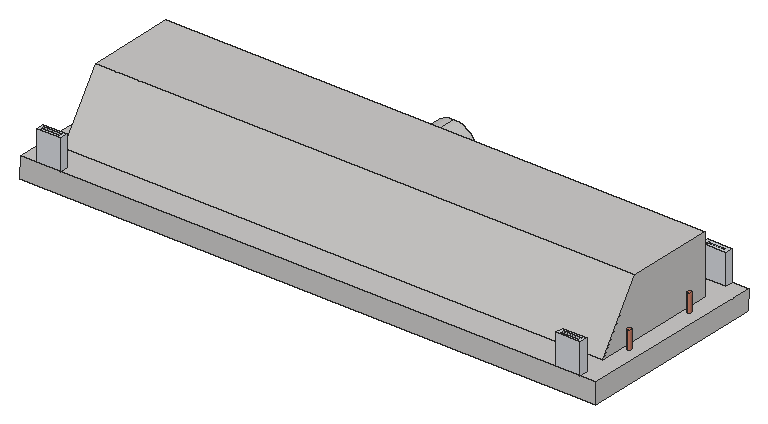
Revit family "HVAC-Chilled_Beam-Dadanco-ACB40", category Mechanical Equipment, Revit 2018
Family settings
  Round Connector Dimension = Use Diameter
  Part Type = Normal
  OmniClass Number = 23.75.70.17.31
  OmniClass Title = Induction Units
  Work Plane-Based = No
  Always vertical = Yes
  Cut with Voids When Loaded = No
  Shared = No
  Room Calculation Point = No
Parameters (values of type "6' Nominal Length")
  Zone Name [instance] = ""
  Zone ID [instance] = ""
  Unit Width = 1' - 11 3/4"  # constant formula
  Unit Weight = if(Nominal Unit Length = 2' 0", "41 lb", if(Nominal Unit Length = 4' 0", "82 lb", if(Nominal Unit Length = 6' 0", "115 lb", if(Nominal Unit Length = 8' 0", "146 lb", if(Nominal Unit Length = 10' 0", "183 lb", "0 lb")))))  # "115 lb"
  Unit Tag [instance] = ""
  Unit Height = 0' - 9 3/4"  # constant formula
  Total Cooling Capacity = 0.0 Btu/h
  Supply Air = 0 CFM
  Sound Level dBA = ""
  Sound Level NC = ""
  Secondary Air Sensible Heating = 0.0 Btu/h
  Secondary Air Sensible Cooling = 0.0 Btu/h
  SHHW Temperature = 0 °F
  SHHW Pressure Drop [instance] = HWPD  # 0 Pa
  SHHW Flow [instance] = HWF  # 0 GPM
  SCHW Temperature = 0 °F
  SCHW Pressure Drop [instance] = CWPD  # 0 Pa
  SCHW Flow [instance] = CWF  # 0 GPM
  Primary Air Static Pressure [instance] = PASP  # 0.00 in-wg
  Primary Air Inlet Top [instance] = not(Primary Air Inlet Back)  # no
  Primary Air Inlet Size = 0' - 6"
  Primary Air Inlet Back [instance] = yes
  Primary Air Flow Rate [instance] = PA  # 0 CFM
  PASP = 0.00 in-wg
  PA = 0 CFM
  Origin1 = Nominal Unit Length / 2  # 3' - 0"
  Nozzle Configuration = ""
  Nominal Unit Length = 6' - 0"
  Net Unit Heating Sensible = 0.0 Btu/h
  Net Unit Cooling Sensible = 0.0 Btu/h
  Unit Length = Nominal Unit Length - 0' 0 1/4"  # 5' - 11 3/4"
  URL = "http://www.dadanco.com/"
  Type Comments = "2-way Discharge Horizontal Coil"
  SHHW Temp Out = 0 °F
  SCHW Temp Out = 0 °F
  Product Page URL = ""
  Latent Cooling = 0.0 Btu/h
  Keynote = "23 37 00.A1"
  Heating Supply Air Temperature = 0 °F
  Heating Room Dry Bulb = 0 °F
  Heating Primary Air Dry Bulb = 0 °F
  HWPD = 0 Pa
  HWF = 0 GPM
  Front Back Air Inlet [instance] = or(Primary Air Inlet Top, Primary Air Inlet Back)  # yes
  Pipe Material = Metal-Dadanco-Copper-Satin
  Pipe Coil Outlet = "2 Pipe Coi, 0.5 inch SWT Stub Coil Connection"
  Pipe Coil Inlet = "2 Pipe Coi, 0.5 inch SWT Stub Coil Connection"
  Documentation Link = ""
  Cooling Supply Air Temperature = 0 °F
  Cooling Room Relative Humidity = 0
  Cooling Room Dry Bulb = 0 °F
  Cooling Primary Air Wet Bulb = 0 °F
  Cooling Primary Air Dry Bulb = 0 °F
  Coil Connection Right [instance] = yes
  Coil Connection Left [instance] = not(Coil Connection Right)  # no
  Revision Date = "06/24/2020"  # constant formula
  Coil Length = if(Nominal Unit Length = 2' 0", 2' 0", if(Nominal Unit Length = 4' 0", 3' 4", if(Nominal Unit Length = 6' 0", 5' 4", 0' 0")))  # 5' - 4"
  Model = "ACB40"  # constant formula
  Manufacturer = "Dadanco"  # constant formula
  Housing Material = Metal-Dadanco-Steel-Galvanized
  Description = "Active Chilled Beam"  # constant formula
  CWPD = 0 Pa
  CWF = 0 GPM
  4 Pipe Coil Configuration Right [instance] = and([4 Pipe Coil Configuration], Coil Connection Right)  # no
  4 Pipe Coil Configuration Left [instance] = and([4 Pipe Coil Configuration], Coil Connection Left)  # no
  4 Pipe Coil Configuration = if([2 or 4 pipe] = 4, 1 = 1, 1 = 0)  # no
  2 or 4 pipe = 2
  2 Pipe Coil Configuration = if([2 or 4 pipe] = 2, 1 = 1, 1 = 0)  # yes
  Assembly Code = "D3040100"
Types (6): name | Unit Weight | Primary Air Inlet Top | Primary Air Inlet Back | Origin1 | Nominal Unit Length | Unit Length | Product Page URL | Documentation Link | Coil Length
  (no name) | "115 lb" | no | yes | 3' - 0" | 6' - 0" | 5' - 11 3/4" | "" | "" | 5' - 4"
  4' Nominal Length | "82 lb" | yes | no | 2' - 0" | 4' - 0" | 3' - 11 3/4" | "http://www.activechilledbeam.com/efficient_air_conditioning.asp" | "http://www.dadanco.com/ACB/air_conditioning_literature.asp?productLineID=30" | 3' - 4"
  2' Nominal Length | "41 lb" | yes | no | 1' - 0" | 2' - 0" | 1' - 11 3/4" | "http://www.activechilledbeam.com/efficient_air_conditioning.asp" | "http://www.dadanco.com/ACB/air_conditioning_literature.asp?productLineID=30" | 2' - 0"
  6' Nominal Length | "115 lb" | no | yes | 3' - 0" | 6' - 0" | 5' - 11 3/4" | "" | "" | 5' - 4"
  8' Nominal Length | "146 lb" | no | yes | 4' - 0" | 8' - 0" | 7' - 11 3/4" | "http://www.activechilledbeam.com/efficient_air_conditioning.asp" | "http://www.dadanco.com/ACB/air_conditioning_literature.asp?productLineID=30" | 0' - 0"
  10' Nominal Length | "183 lb" | no | yes | 5' - 0" | 10' - 0" | 9' - 11 3/4" | "http://www.activechilledbeam.com/efficient_air_conditioning.asp" | "http://www.dadanco.com/ACB/air_conditioning_literature.asp?productLineID=30" | 0' - 0"
Reference planes (in)
  plane 1 "Center (Front/Back)": y = 0.77127
  plane 2 "Top Face of Plenum": z = 9.75
  plane 3 "Center (Left/Right)": x = 0.55581
  plane 4 "Right End": x = 36.43081
  plane 5 "Bottom Face": z = 0
  plane 6 "Left End": x = -35.31919
  plane 7: y = -11.10373
  plane 8: z = 6.111
  plane 9: x = -33.35519
  plane 10: x = 34.46681
  plane 11: y = 5.45827
  plane 12: y = 2.64627
  plane 13: y = -1.10373
  plane 14: y = -3.91573
  plane 15: z = 5.047
Forms (in)
  Extrusion 1, solid, material "Metal-Dadanco-Steel-Galvanized" <- "Housing Material"
    sketch origin (0.55581, 0, 0) x (0, 1, 0) y (0, 0, 1)
      loop
        line (12.64627, 0) -> (12.89587, 0) -> (12.89587, 2.511) -> (9.02127, 2.511) -> (9.02127, 9.761) -> (-1.97873, 9.761) -> (-6.97873, 2.511) -> (-10.85373, 2.511) -> (-10.85373, 0) -> (12.64627, 0)
    from -35.875 to 35.875
  Extrusion 2, solid, material "Metal-Dadanco-Steel-Galvanized", visible <- "Primary Air Inlet Back"
    sketch origin (0.55581, 9.02127, 2.511) x (0, 0, 1) y (1, 0, 0)
      loop
        circle (3.719, 0) r 3
    from 0 to 2.83
  Extrusion 3, void
    sketch origin (36.43081, 0, 0) x (0, -1, 0) y (0, 0, 1)
      loop
        line (6.97873, 9.761) -> (-9.02127, 9.761) -> (-9.02127, 2.511) -> (6.97873, 2.511) -> (6.97873, 9.761)
    from 0 to 2.27344
  Extrusion 4, void
    sketch origin (-35.31919, 0, 0) x (0, 1, 0) y (0, 0, 1)
      loop
        line (9.02127, 9.761) -> (-7.02389, 9.761) -> (-7.02389, 2.511) -> (9.02127, 2.511) -> (9.02127, 9.761)
    from 0 to 2.27344
  Extrusion 5, solid, material "Metal-Dadanco-Copper-Satin" <- "Pipe Material", visible <- "Coil Connection Left", detail levels medium+fine
    sketch origin (0.20581, 13.56502, 2.511) x (0, -1, 0) y (1, 0, 0)
      loop
        circle (7.841, -33.911) r 0.25
    from 0 to 2.14844
  Extrusion 6, solid, material "Metal-Dadanco-Copper-Satin" <- "Pipe Material", visible <- "4 Pipe Coil Configuration Left", detail levels medium+fine
    sketch origin (0.20581, 13.25627, 2.511) x (0, -1, 0) y (1, 0, 0)
      loop
        circle (10.653, -33.911) r 0.25
    from 0 to 2.14844
  Extrusion 7, solid, material "Metal-Dadanco-Copper-Satin" <- "Pipe Material", visible <- "4 Pipe Coil Configuration Left", detail levels medium+fine
    sketch origin (0.20581, 13.24627, 2.511) x (0, -1, 0) y (1, 0, 0)
      loop
        circle (14.403, -33.911) r 0.25
    from 0 to 2.14844
  Extrusion 8, solid, material "Metal-Dadanco-Copper-Satin" <- "Pipe Material", visible <- "Coil Connection Left", detail levels medium+fine
    sketch origin (0.20581, 13.54627, 2.511) x (0, -1, 0) y (1, 0, 0)
      loop
        circle (17.215, -33.911) r 0.25
    from 0 to 2.14844
  Extrusion 9, solid, material "Metal-Dadanco-Copper-Satin" <- "Pipe Material", visible <- "Coil Connection Right", detail levels medium+fine
    sketch origin (0.93081, 13.47127, 2.511) x (0, -1, 0) y (1, 0, 0)
      loop
        circle (7.74827, 33.88652) r 0.25
    from 0 to 2.14844
  Extrusion 10, solid, material "Metal-Dadanco-Copper-Satin" <- "Pipe Material", visible <- "4 Pipe Coil Configuration Right", detail levels medium+fine
    sketch origin (0.90581, 13.24002, 2.511) x (0, -1, 0) y (1, 0, 0)
      loop
        circle (10.653, 33.911) r 0.25
    from 0 to 2.14844
  Extrusion 11, solid, material "Metal-Dadanco-Copper-Satin" <- "Pipe Material", visible <- "4 Pipe Coil Configuration Right", detail levels medium+fine
    sketch origin (0.90581, 13.22127, 2.511) x (0, -1, 0) y (1, 0, 0)
      loop
        circle (14.403, 33.911) r 0.25
    from 0 to 2.14844
  Extrusion 12, solid, material "Metal-Dadanco-Copper-Satin" <- "Pipe Material", visible <- "Coil Connection Right", detail levels medium+fine
    sketch origin (0.90581, 13.55127, 2.511) x (0, -1, 0) y (1, 0, 0)
      loop
        circle (17.215, 33.911) r 0.25
    from 0 to 2.14844
  Extrusion 13, solid, material "Metal-Dadanco-Steel-Galvanized", visible <- "Primary Air Inlet Top"
    sketch origin (0.55581, 11.77377, 9.761) x (0, -1, 0) y (1, 0, 0)
      loop
        circle (8.25, 0) r 3
    from 0 to 3.30078
  Extrusion 14, solid, detail levels fine
    sketch origin (34.15737, 0, 0) x (0, 1, 0) y (0, 0, 1)
      loop
        circle (0.74868, 1.39387) r 0.125
    from 0 to 2
  Extrusion 15, solid
    sketch origin (0.55581, -17.19873, 2.511) x (0, 1, 0) y (-1, 0, 0)
      loop
        line (6.375, 33.875) -> (6.375, 30.875) -> (7.375, 30.875) -> (7.375, 33.875) -> (6.375, 33.875)
    from 0 to 3.76953
  Extrusion 16, void
    sketch origin (0.63529, -17.20453, 6.28053) x (-1, 0, 0) y (0, 1, 0)
      loop
        line (33.57948, 7.1008) -> (31.32948, 7.1008) -> (31.32948, 6.6608) -> (33.57948, 6.6608) -> (33.57948, 7.1008)
    from 0 to 3.76953
  Extrusion 17, solid
    sketch origin (113.55581, 5.48215, 2.511) x (0, 1, 0) y (-1, 0, 0)
      loop
        line (6.375, 82.125) -> (6.375, 79.125) -> (7.375, 79.125) -> (7.375, 82.125) -> (6.375, 82.125)
    from 0 to 3.76953
  Extrusion 18, void
    sketch origin (113.63529, 5.47636, 6.28053) x (-1, 0, 0) y (0, 1, 0)
      loop
        line (81.82948, 7.1008) -> (79.57948, 7.1008) -> (79.57948, 6.6608) -> (81.82948, 6.6608) -> (81.82948, 7.1008)
    from 0 to 3.76953
  Extrusion 19, solid
    sketch origin (113.55581, -17.19873, 2.511) x (0, 1, 0) y (-1, 0, 0)
      loop
        line (6.375, 82.125) -> (6.375, 79.125) -> (7.375, 79.125) -> (7.375, 82.125) -> (6.375, 82.125)
    from 0 to 3.76953
  Extrusion 20, void
    sketch origin (113.63529, -17.20453, 6.28053) x (-1, 0, 0) y (0, 1, 0)
      loop
        line (81.82948, 7.1008) -> (79.57948, 7.1008) -> (79.57948, 6.6608) -> (81.82948, 6.6608) -> (81.82948, 7.1008)
    from 0 to 3.76953
  Extrusion 21, solid
    sketch origin (0.55581, 5.49087, 2.511) x (0, 1, 0) y (-1, 0, 0)
      loop
        line (6.375, 33.875) -> (6.375, 30.875) -> (7.375, 30.875) -> (7.375, 33.875) -> (6.375, 33.875)
    from 0 to 3.76953
  Extrusion 22, void
    sketch origin (0.63529, 5.48507, 6.28053) x (-1, 0, 0) y (0, 1, 0)
      loop
        line (33.57948, 7.1008) -> (31.32948, 7.1008) -> (31.32948, 6.6608) -> (33.57948, 6.6608) -> (33.57948, 7.1008)
    from 0 to 3.76953
Cuts and joins
  Extrusion 3, Extrusion 4, Extrusion 18, Extrusion 20, Extrusion 22 cuts Extrusion 1
  Extrusion 16, Extrusion 20, Extrusion 22 cuts Extrusion 15
  Extrusion 18 cuts Extrusion 17
  Extrusion 20 cuts Extrusion 19
  Extrusion 22 cuts Extrusion 21
Lines and regions (in)
  symbolic lines, detail levels medium+fine
    curve 1: line (-35.31919, 10.49127, 4.95212) -> (36.43081, 10.49127, 4.95212)
    curve 2: line (-35.31919, -8.82373, 4.95212) -> (36.43081, -8.82373, 4.95212)
  model lines, detail levels medium+fine
    curve 3: line (-35.31919, -5.35623, 0) -> (36.43081, -5.35623, 0)
    curve 4: line (-35.31919, 7.02377, 0) -> (36.43081, 7.02377, 0)
  symbolic lines, not visible, detail levels medium+fine
    curve 5: arc (0.43081, -5.48123, 7.73) -> (0.55581, -5.48123, 7.855) -> (0.68081, -5.48123, 7.73) r 0.125
    curve 6: arc (0.68081, -5.48123, 7.73) -> (0.55581, -5.48123, 7.605) -> (0.43081, -5.48123, 7.73) r 0.125
  symbolic lines, detail levels fine
    curve 7: line (-35.31919, 7.95719, 4.13) -> (36.43081, 7.95719, 4.13)
    curve 8: line (-35.31919, -6.28965, 4.13) -> (36.43081, -6.28965, 4.13)
Dimensions and locks (in)
  equal spacing: plane 6 "Left End", plane 3 "Center (Left/Right)", plane 4 "Right End"
  "Unit Length": plane 6 "Left End" to plane 4 "Right End"
  "Unit Height": plane 2 "Top Face of Plenum" to plane 5 "Bottom Face"
  Extrusion 2 to Extrusion 2 = 0' - 2.83"
  plane 7 to plane 1 "Center (Front/Back)" = 0' - 11 7/8"
  plane 5 "Bottom Face" to plane 8 = 0' - 6.111"
  locked: plane 3 "Center (Left/Right)" to Extrusion 2 sketch curve at 0
  locked: plane 1 "Center (Front/Back)" to plane 11 at 4.687
  locked: plane 1 "Center (Front/Back)" to plane 12 at 1.875
  locked: plane 13 to plane 1 "Center (Front/Back)" at 1.875
  locked: plane 14 to plane 1 "Center (Front/Back)" at 4.687
  locked: plane 6 "Left End" to plane 9 at 1.964
  locked: plane 10 to plane 4 "Right End" at 1.964
  plane 1 "Center (Front/Back)" to Extrusion 13 sketch curve = 0' - 2.7525"
  locked: Extrusion 13 sketch curve to plane 3 "Center (Left/Right)" at 0
  aligned and locked: plane 5 "Bottom Face" to level
  aligned and locked: Extrusion 1 to plane 6 "Left End"
  aligned and locked: Extrusion 1 to plane 4 "Right End"
  aligned and locked: Extrusion 3 sketch curve to cut or joined group of Extrusion 1, Extrusion 3, Extrusion 4, Extrusion 18, Extrusion 20, Extrusion 22
  aligned and locked: Extrusion 4 sketch curve to cut or joined group of Extrusion 1, Extrusion 3, Extrusion 4, Extrusion 18, Extrusion 20, Extrusion 22  (x2)
Automatic sketch dimensions
  curve 3 to plane 4 "Right End" = 0' - 0"
  curve 4 to plane 4 "Right End" = 0' - 0"
  curve 4 to plane 6 "Left End" = 0' - 0"
  curve 3 to plane 6 "Left End" = 0' - 0"
  curve 3 to plane 14 = 0' - 1.4405"
  curve 4 to plane 11 = 0' - 1.5655"
  curve 1 to plane 4 "Right End" = 0' - 0"
  curve 1 to plane 6 "Left End" = 0' - 0"
  curve 2 to plane 4 "Right End" = 0' - 0"
  curve 2 to plane 6 "Left End" = 0' - 0"
  plane 11 to curve 1 = 0' - 5.033"
  plane 7 to curve 2 = 0' - 2.28"
  curve 5 to curve 6 = 0' - 0"  (x2)
  curve 6 to plane 3 "Center (Left/Right)" = 0' - 0"
  curve 6 to plane 2 "Top Face of Plenum" = 0' - 2.02"
  plane 3 "Center (Left/Right)" to curve 5 = 0' - 0 1/8"
  Extrusion 2 sketch curve to Extrusion 1 = 0' - 3.531"
  curve 7 to plane 4 "Right End" = 0' - 0"
  curve 7 to plane 6 "Left End" = 0' - 0"
  curve 8 to plane 4 "Right End" = 0' - 0"
  curve 8 to plane 6 "Left End" = 0' - 0"
  plane 11 to curve 7 = 0' - 2.49892"
  plane 14 to curve 8 = 0' - 2.37392"
  Extrusion 3 sketch curve to Extrusion 1 = 0' - 0"
  Extrusion 1 to Extrusion 3 sketch curve = 0' - 0"  (x2)
  Extrusion 1 to Extrusion 4 sketch curve = 0' - 0"
  Extrusion 1 to Extrusion 4 sketch curve = 0' - 3.82985"
  Extrusion 5 sketch curve to plane 9 = 0' - 0.35"
  plane 11 to Extrusion 5 sketch curve = 0' - 0.26575"
  Extrusion 6 sketch curve to plane 9 = 0' - 0.35"
  plane 12 to Extrusion 6 sketch curve = 0' - 0.043"
  Extrusion 7 sketch curve to plane 9 = 0' - 0.35"
  plane 13 to Extrusion 7 sketch curve = 0' - 0.053"
  Extrusion 8 sketch curve to plane 9 = 0' - 0.35"
  Extrusion 8 sketch curve to plane 14 = 0' - 0.247"
  plane 10 to Extrusion 9 sketch curve = 0' - 0.35052"
  plane 11 to Extrusion 9 sketch curve = 0' - 0.26473"
  plane 10 to Extrusion 10 sketch curve = 0' - 0.35"
  plane 12 to Extrusion 10 sketch curve = 0' - 0.05925"
  plane 10 to Extrusion 11 sketch curve = 0' - 0.35"
  plane 13 to Extrusion 11 sketch curve = 0' - 0.078"
  plane 10 to Extrusion 12 sketch curve = 0' - 0.35"
  Extrusion 12 sketch curve to plane 14 = 0' - 0.252"
  Extrusion 3 to Extrusion 14 sketch curve = 0' - 1.11713"
  Extrusion 14 sketch curve to Extrusion 3 = 0' - 7.72741"
  Extrusion 1 to Extrusion 15 sketch curve = 0' - 0.03"
  Extrusion 15 sketch curve to Extrusion 15 sketch curve = 0' - 1"
  Extrusion 1 to Extrusion 15 sketch curve = 0' - 5"
  Extrusion 1 to Extrusion 15 sketch curve = 0' - 2"
  Extrusion 16 sketch curve to Extrusion 15 = 0' - 0 3/8"  (x2)
  Extrusion 16 sketch curve to Extrusion 15 = 0' - 0.28"  (x2)
  Extrusion 1 to Extrusion 17 sketch curve = 0' - 2"
  Extrusion 17 sketch curve to Extrusion 1 = 1' - 6.83588"
  Extrusion 17 sketch curve to Extrusion 17 sketch curve = 0' - 1"
  Extrusion 17 sketch curve to Extrusion 17 sketch curve = 0' - 3"
  Extrusion 18 sketch curve to Extrusion 17 = 0' - 0 3/8"  (x2)
  Extrusion 18 sketch curve to Extrusion 17 = 0' - 0.28"  (x2)
  Extrusion 1 to Extrusion 19 sketch curve = 0' - 0.03"
  Extrusion 19 sketch curve to Extrusion 19 sketch curve = 0' - 1"
  Extrusion 1 to Extrusion 19 sketch curve = 0' - 2"
  Extrusion 19 sketch curve to Extrusion 19 sketch curve = 0' - 3"
  Extrusion 20 sketch curve to Extrusion 19 = 0' - 0 3/8"  (x2)
  Extrusion 20 sketch curve to Extrusion 19 = 0' - 0.28"  (x2)
  Extrusion 1 to Extrusion 21 sketch curve = 0' - 5"
  Extrusion 21 sketch curve to Extrusion 1 = 1' - 6.8446"
  Extrusion 21 sketch curve to Extrusion 21 sketch curve = 0' - 1"
  Extrusion 1 to Extrusion 21 sketch curve = 0' - 2"
  Extrusion 22 sketch curve to Extrusion 21 = 0' - 0 3/8"  (x2)
  Extrusion 22 sketch curve to Extrusion 21 = 0' - 0.28"  (x2)
  level to Extrusion 1 sketch curve = 0' - 0"
  plane 7 to Extrusion 1 sketch curve = 0' - 0 1/4"
  plane 14 to Extrusion 1 sketch curve = 0' - 3.063"
  plane 11 to Extrusion 1 sketch curve = 0' - 3.563"
  Extrusion 1 sketch curve to Extrusion 1 sketch curve = 0' - 3 5/8"
  Extrusion 1 sketch curve to Extrusion 1 sketch curve = 0' - 0.2496"
  Extrusion 1 sketch curve to Extrusion 1 sketch curve = 0' - 2.511"  (x2)
  plane 2 "Top Face of Plenum" to Extrusion 1 sketch curve = 0' - 0.011"
  plane 13 to Extrusion 1 sketch curve = 0' - 0 7/8"
  radius of Extrusion 2 sketch curve = 0' - 3"
  radius of Extrusion 5 sketch curve = 0' - 0 1/4"
  radius of Extrusion 6 sketch curve = 0' - 0 1/4"
  radius of Extrusion 7 sketch curve = 0' - 0 1/4"
  radius of Extrusion 8 sketch curve = 0' - 0 1/4"
  radius of Extrusion 9 sketch curve = 0' - 0 1/4"
  radius of Extrusion 10 sketch curve = 0' - 0 1/4"
  radius of Extrusion 11 sketch curve = 0' - 0 1/4"
  radius of Extrusion 12 sketch curve = 0' - 0 1/4"
  radius of Extrusion 13 sketch curve = 0' - 3"
  radius of Extrusion 14 sketch curve = 0' - 0 1/8"
Connectors (in)
  hvac at (0.55581, 11.85127, 6.23), driven by "Primary Air Flow Rate", driven by "Primary Air Static Pressure", driven by "Primary Air Inlet Size"
    settings: on Extrusion 2, index 3, duct flow 0 CFM, flow factor 0, pres drop 0.00 in-wg, loss coef 0, conn angle 0.00°, conn width 7 215/256", conn height 2 41/64", conn diameter 6", duct sys type 1, conn prof type 0, flow config 1, flow direction 1, loss method 4, conn ref index -1, conn util no, is conn primary yes, conn desc "Primary Air Inlet Back (E)"
  piping at (34.81681, -3.66373, 4.65944), diameter 0.5, driven by "SCHW Flow"
    settings: on Extrusion 12, index 13, connector inside diameter 24", connector length 0' - 0", flow factor 0, pipe flow 0 GPM, pressure drop 0 Pa, fitting loss kfactor 0, connector angle 0.00°, fixture units 0, engagement length 0' - 0", angle of deflection 0.00°, flow configuration 1, flow direction 1, fitting loss method 0, system type 7, joint type 0, gender type 0, connector reference index -1, connector utility 0, adjustable connector no, is connector primary yes, connector description "SCHW Supply Right"
  piping at (34.81681, -1.18173, 4.65944), diameter 0.5, driven by "SHHW Flow"
    settings: on Extrusion 11, index 14, connector inside diameter 24", connector length 0' - 0", flow factor 0, pipe flow 0 GPM, pressure drop 0 Pa, fitting loss kfactor 0, connector angle 0.00°, fixture units 0, engagement length 0' - 0", angle of deflection 0.00°, flow configuration 1, flow direction 1, fitting loss method 0, system type 7, joint type 0, gender type 0, connector reference index -1, connector utility 0, adjustable connector no, is connector primary no, connector description "SHHW Supply Right"
  piping at (34.81681, 2.58702, 4.65944), diameter 0.5, driven by "SHHW Flow", driven by "SHHW Pressure Drop"
    settings: on Extrusion 10, index 15, connector inside diameter 24", connector length 0' - 0", flow factor 0, pipe flow 0 GPM, pressure drop 0 Pa, fitting loss kfactor 0, connector angle 0.00°, fixture units 0, engagement length 0' - 0", angle of deflection 0.00°, flow configuration 1, flow direction 2, fitting loss method 4, system type 8, joint type 0, gender type 0, connector reference index -1, connector utility 0, adjustable connector no, is connector primary no, connector description "SHHW Return Right"
  piping at (34.81733, 5.723, 4.65944), diameter 0.5, driven by "SCHW Flow", driven by "SCHW Pressure Drop"
    settings: on Extrusion 9, index 16, connector inside diameter 24", connector length 0' - 0", flow factor 0, pipe flow 0 GPM, pressure drop 0 Pa, fitting loss kfactor 0, connector angle 0.00°, fixture units 0, engagement length 0' - 0", angle of deflection 0.00°, flow configuration 1, flow direction 2, fitting loss method 4, system type 8, joint type 0, gender type 0, connector reference index -1, connector utility 0, adjustable connector no, is connector primary no, connector description "SCHW Return Right"
  piping at (-33.70519, 5.72402, 4.65944), diameter 0.5, driven by "SCHW Flow", driven by "SCHW Pressure Drop"
    settings: on Extrusion 5, index 17, connector inside diameter 24", connector length 0' - 0", flow factor 0, pipe flow 0 GPM, pressure drop 0 Pa, fitting loss kfactor 0, connector angle 0.00°, fixture units 0, engagement length 0' - 0", angle of deflection 0.00°, flow configuration 1, flow direction 2, fitting loss method 4, system type 8, joint type 0, gender type 0, connector reference index -1, connector utility 0, adjustable connector no, is connector primary no, connector description "SCHW Return Left"
  piping at (-33.70519, 2.60327, 4.65944), diameter 0.5, driven by "SHHW Flow", driven by "SHHW Pressure Drop"
    settings: on Extrusion 6, index 18, connector inside diameter 24", connector length 0' - 0", flow factor 0, pipe flow 0 GPM, pressure drop 0 Pa, fitting loss kfactor 0, connector angle 0.00°, fixture units 0, engagement length 0' - 0", angle of deflection 0.00°, flow configuration 1, flow direction 2, fitting loss method 4, system type 8, joint type 0, gender type 0, connector reference index -1, connector utility 0, adjustable connector no, is connector primary no, connector description "SHHW Return Left"
  piping at (-33.70519, -1.15673, 4.65944), diameter 0.5, driven by "SHHW Flow"
    settings: on Extrusion 7, index 19, connector inside diameter 24", connector length 0' - 0", flow factor 0, pipe flow 0 GPM, pressure drop 0 Pa, fitting loss kfactor 0, connector angle 0.00°, fixture units 0, engagement length 0' - 0", angle of deflection 0.00°, flow configuration 1, flow direction 1, fitting loss method 0, system type 7, joint type 0, gender type 0, connector reference index -1, connector utility 0, adjustable connector no, is connector primary no, connector description "SHHW Supply Left"
  piping at (-33.70519, -3.66873, 4.65944), diameter 0.5, driven by "SCHW Flow"
    settings: on Extrusion 8, index 20, connector inside diameter 24", connector length 0' - 0", flow factor 0, pipe flow 0 GPM, pressure drop 0 Pa, fitting loss kfactor 0, connector angle 0.00°, fixture units 0, engagement length 0' - 0", angle of deflection 0.00°, flow configuration 1, flow direction 1, fitting loss method 0, system type 7, joint type 0, gender type 0, connector reference index -1, connector utility 0, adjustable connector no, is connector primary no, connector description "SCHW Supply Left"
  hvac at (0.55581, 3.52377, 13.06178), driven by "Primary Air Static Pressure", driven by "Primary Air Flow Rate", driven by "Primary Air Inlet Size"
    settings: on Extrusion 13, index 21, duct flow 0 CFM, flow factor 0, pres drop 0.00 in-wg, loss coef 0, conn angle 0.00°, conn width 12", conn height 12", conn diameter 6", duct sys type 1, conn prof type 0, flow config 1, flow direction 1, loss method 4, conn ref index -1, conn util no, is conn primary no, conn desc "Primary Air Inlet Top"
